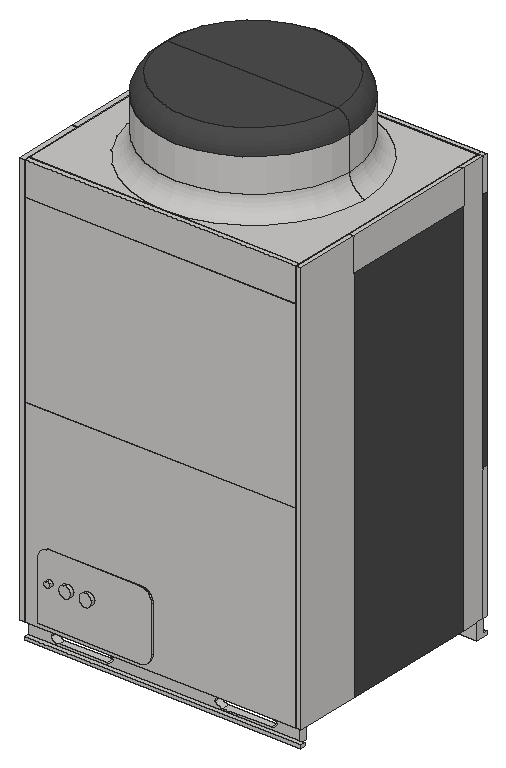
Revit family
Parameters (values of type "PUHY-P72THMU-A")
  Width = 36 1/4"
  URL = ""
  Subcategory = "HVAC"  # constant formula
  Specification URL = "http://www.mrslim.com/customerCare/resources.asp"
  Sound Pressure Levels (dB(A)) = "58"
  SmartBIM Object Version = 3  # constant formula
  SmartBIM Object Created By = "Reed Construction Data"  # constant formula
  Refrigerant Type = "R410A"  # constant formula
  Refrigerant Charge = "19lbs 13oz"
  Refrigerant Pipe Diameter (Liquid) = "3/8\""
  Refrigerant Pipe Diameter (Gas) = "3/4\""
  Refrigerant Service Valve (Liquid) Radius = 3/8"
  Refrigerant Service Valve (Gas) Radius = 3/4"
  Protection Devices Inverter = "Overheat / Overcurrent Protection"  # constant formula
  Protection Devices High Pressure Protection = "601Psi"  # constant formula
  Protection Devices Fan = "Thermal Switch"  # constant formula
  Protection Devices Compressor = "Over Heat Protection"  # constant formula
  Pressure Drop FT (Water Source Only) = ""
  Power Supply Unit = 151/256"
  Power Source = "208/230, 3, 60"
  Heating Power Input = "5.68 kW"
  Cooling Power Input = "5.27kW"
  Unit Weight (LBS) = "441"
  Nominal GPM (Water Source Only) = ""
  Model = "PUHY-P72THMU-A"
  Manufacturer URL = "http://www.mrslim.com/customerCare/resources.asp"
  Manufacturer = "Mitsubishi Electric"  # constant formula
  Lubricant = "MEL32"  # constant formula
  Left Inlet Height = 49 3/64"
  Left  Inlet Width = 17 163/256"
  Installation URL = "http://www.mrslim.com/customerCare/resources.asp"
  Indoor Unit Total Capacity = "50%-150% of OutDoor Unit Capacity"  # constant formula
  Indoor Unit Model/Quantity = "P06 to P96 / 1 to 15"  # constant formula
  High Static Pressure Motor = "PAC-KBU04MT-U-F"  # constant formula
  Height = 64 31/32"
  Heating Outdoor = "-4°F (-20°C) WB ~ 59°F (15°C) WB"  # constant formula
  Fan Direct-drive Inverter Motor Output = "0.92KW"  # constant formula
  MCA = "23/21"
  MOCP = "30/30"
  Description = "T/YHMU Outdoor Units"  # constant formula
  Compressor Type = "Inverter scroll hermetic"  # constant formula
  Fan Compressor Crankcase Heater = "0.051kW"  # constant formula
  External Material = Steel Plate Painting With Polyster Powder
  Depth = 29 15/16"
  Default Elevation = 48"
  Cooling Outdoor = "23°F (-5°C) DB ~ 109°F (43°C) DB"  # constant formula
  Fan Compressor Operating Range = "18% to 100%"  # constant formula
  Heating Capacity (BTU) = "80000"
  Fan Type x Quantity = "Propeller Fan x 1"  # constant formula
  Heating Current = "17.5 / 15.8 A"
  Cooling Current = "16.2 / 14.6 A"
  Cooling Capacity (BTU) = "72000"
  Fan Air Flow Rate = "7,050 CFM"  # constant formula
  Assembly Code = "D3050200"
  Air Outlet Radius = 15 25/128"
  Air Outlet Unit Material = Metal Grille
  Air Inlet Unit Material = Grille
  Air Inlet Radius = 11 3/128"
  Air Inlet Height = 23 159/256"
  Back Air Inlet Height = 31 171/256"
  95 CSI = "15670"  # constant formula
  04 CSI = "23 81 26"  # constant formula
Types (6): name | Width | Sound Pressure Levels (dB(A)) | Refrigerant Charge | Refrigerant Pipe Diameter (Liquid) | Refrigerant Pipe Diameter (Gas) | Refrigerant Service Valve (Gas) Radius | Power Source | Heating Power Input | Cooling Power Input | Unit Weight (LBS) | Model | MCA | MOCP | Heating Capacity (BTU) | Heating Current | Cooling Current | Cooling Capacity (BTU)
  PUHY-P72THMU-A | 36 1/4" | "58" | "19lbs 13oz" | "3/8\"" | "3/4\"" | 3/4" | "208/230, 3, 60" | "5.68 kW" | "5.27kW" | "441" | "PUHY-P72THMU-A" | "23/21" | "30/30" | "80000" | "17.5 / 15.8 A" | "16.2 / 14.6 A" | "72000"
  PUHY-P96THMU-A | 36 1/4" | "58" | "19lbs 13oz" | "3/8\" or 1/2\" total length>=295'" | "7/8\"" | 7/8" | "208/230, 3, 60" | "8.63 kW" | "8.42 kW" | "441" | "PUHY-P96THMU-A" | "35/32" | "40/40" | "108000" | "26.6 / 24.0 A" | "25.9 / 23.4 A" | "96000"
  PUHY-P120THMU-A | 48 1/16" | "60" | "25lbs 6oz" | "3/8\" or 1/2\" total length>=295'" | "7/8\"" | 7/8" | "208/230, 3, 60" | "9.26 kW" | "10.11 kW" | "541" | "PUHY-P120THMU-A" | "41/38" | "50/50" | "120000" | "28.5 / 25.8 A" | "31.1 / 28.1 A" | "120000"
  PUHY-P72YHMU-A | 36 1/4" | "58" | "19lbs 13oz" | "3/8\"" | "3/4\"" | 3/4" | "460, 3, 60" | "5.68 kW" | "5.27kW" | "441" | "PUHY-P72YHMU-A " | "11" | "15" | "80000" | "7.9 A" | "7.3 A" | "72000"
  PUHY-P96YHMU-A | 36 1/4" | "58" | "19lbs 13oz" | "3/8\" or 1/2\" total length>=295'" | "7/8\"" | 7/8" | "460, 3, 60" | "8.63 kW" | "8.42 kW" | "474" | "PUHY-P96YHMU-A  " | "16" | "20" | "108000" | "12.0 A" | "11.7 A" | "96000"
  PUHY-P120YHMU-A | 48 1/16" | "60" | "25lbs 6oz" | "3/8\" or 1/2\" total length>=295'" | "7/8\"" | 7/8" | "460, 3, 60" | "9.26 kW" | "10.11 kW" | "574" | "PUHY-P120YHMU-A " | "19" | "25" | "120000" | "14.0 A" | "12.9 A" | "120000"
Reference planes (in)
  plane 1: z = 0
  plane 2 "Center (Left/Right)": x = 0
  plane 3 "Top": z = 64.96875
  plane 4: y = 14.31484
  plane 5: y = -15.62266
  plane 6: x = -18.125
  plane 7: x = 18.125
  plane 8: z = 55.51993
  plane 9: z = 3.07087
  plane 10: z = 27.55118
  plane 11: z = 51.17323
  plane 12: y = -0.65391
Forms (in)
  Extrusion 1, solid, material "Steel Plate Painting With Polyster Powder" <- "External Material"
    sketch origin (0, 0, 0) x (1, 0, 0) y (0, 1, 0)
      loop
        circle (-8.1063, 10.53531) r 0.87402
      loop
        circle (-4.66929, 10.53531) r 0.5
    from 0.53386 to 2.12598
  Extrusion 2, solid, material "Steel Plate Painting With Polyster Powder" <- "External Material"
    sketch origin (0, 0, 0) x (1, 0, 0) y (0, 1, 0)
      loop
        circle (-10.80217, 10.53531) r 0.7874
    from 1.57766 to 2.12598
  Extrusion 3, solid, material "Pre-coated Galvanized-steel Sheets"
    sketch origin (-17.2599, 13.6768, 11.81725) x (0, 0, -1) y (1, 0, 0)
      loop
        arc (0.23085, 3.07276) -> (0.6921, 1.9592) -> (1.80566, 1.49796) r 1.5748
        line (1.80566, 1.49796) -> (9.22441, 1.49796) -> (9.22441, 14.70083)
        arc (9.22441, 14.70083) -> (8.76316, 15.81439) -> (7.64961, 16.27564) r 1.5748
        line (7.64961, 16.27564) -> (1.80566, 16.27564)
        arc (1.80566, 16.27564) -> (0.6921, 15.81439) -> (0.23085, 14.70083) r 1.5748
        line (0.23085, 14.70083) -> (0.23085, 3.07276)
    from 29.29134 to 29.41689
  Extrusion 4, solid, material "Pre-coated Galvanized-steel Sheets"
    sketch origin (-17.50553, -15.74009, 11.78892) x (0, 0, -1) y (1, 0, 0)
      loop
        circle (3.99865, 3.32774) r 0.375
      loop
        circle (4.04978, 5.62842) r 0.75
      loop
        circle (4.04978, 8.28698) r 0.7874
    from -0.12555 to 0.43878
Cuts and joins
  joined: Extrusion 1, Extrusion 2
  joined: Extrusion 3, Extrusion 4
Dimensions and locks (in)
  equal spacing: plane 6, plane 2 "Center (Left/Right)", plane 7
  "Width": plane 6 to plane 7
  plane 3 "Top" to plane 8 = 9.44882"
  plane 9 to level = 3.07087"
  plane 10 to plane 9 = 24.48031"
  "Height": plane 3 "Top" to level
  "Depth": plane 5 to plane 4
  equal spacing: plane 4, plane 12, plane 5
  radius of Extrusion 1 sketch curve = 0.87402"
  radius of Extrusion 1 sketch curve = 1/2"
  "Refrigerant Service Valve (Liquid) Radius": radius of Extrusion 4 sketch curve
  "Refrigerant Service Valve (Gas) Radius": radius of Extrusion 4 sketch curve
  radius of Extrusion 4 sketch curve = 0.7874"
  aligned and locked: plane 2 "Center (Left/Right)" to nested 1
  aligned and locked: plane 12 to nested 1
  aligned and locked: Extrusion 1 to nested 1
  aligned and locked: Extrusion 2 to nested 1
Automatic sketch dimensions
  Extrusion 1 sketch curve to Extrusion 1 sketch curve = 0"  (x5)
  Extrusion 1 sketch curve to plane 4 = 3.77953"
  Extrusion 1 sketch curve to plane 2 "Center (Left/Right)" = 8.98031"
  Extrusion 1 sketch curve to Extrusion 1 sketch curve = 2.06299"
  Extrusion 2 sketch curve to Extrusion 2 sketch curve = 0"  (x2)
  Extrusion 2 sketch curve to plane 6 = 6.53543"
  Extrusion 2 sketch curve to Extrusion 2 sketch curve = 0.7874"
  Extrusion 2 sketch curve to plane 4 = 3.77953"
  Extrusion 3 sketch curve to plane 2 "Center (Left/Right)" = 2.55907"
  plane 9 to Extrusion 3 sketch curve = 8.51553"
  Extrusion 3 sketch curve to Extrusion 3 sketch curve = 1.5748"  (x2)
  plane 9 to Extrusion 3 sketch curve = 1.09678"
  Extrusion 3 sketch curve to plane 9 = 0.47802"
  Extrusion 3 sketch curve to plane 6 = 3.93786"
  plane 9 to Extrusion 4 sketch curve = 4.7194"
  plane 9 to Extrusion 4 sketch curve = 4.66827"
  Extrusion 4 sketch curve to Extrusion 4 sketch curve = 0.05113"
  Extrusion 4 sketch curve to plane 6 = 3.94721"
  Extrusion 4 sketch curve to Extrusion 4 sketch curve = 2.30068"
  Extrusion 4 sketch curve to Extrusion 4 sketch curve = 2.65856"
Nested families (in)
  nested 1: "Out-Door-Unit" at (-0.08165, 0.57834, 0), type "Out-Door-Unit-R2-Series_Mistdubishi_Electric"
    with Width 36 1/4", Power Supply Unit 151/256", Left Inlet Heght 49 3/64", Depth 29 15/16", Air Outlet Unit Radius 15 25/128", Air Inlet Radius 11 3/128", Air Inlet Height 23 159/256", Air Inlet Bck Unit Height 31 171/256"
Connectors (in)
  electrical at (-9.21855, -16.17888, 7.73914)
    settings: on cut or joined group of Extrusion 3, Extrusion 4, index 12
  piping at (-11.87711, -16.17888, 7.73914), driven by "Refrigerant Service Valve (Gas) Radius"
    settings: on cut or joined group of Extrusion 3, Extrusion 4, index 13
  piping at (-14.17779, -16.17888, 7.79026), driven by "Refrigerant Service Valve (Liquid) Radius"
    settings: on cut or joined group of Extrusion 3, Extrusion 4, index 14
Definition of nested family "Out-Door-Unit"
  Parameters (values of type "Out-Door-Unit-R2-Series_Mistdubishi_Electric")
    Width = 48.0315"
    Refig Service Valve (Liquid) Radius = 1/2"
    Refig Service Valve (Gas) Radius = 0.87402"
    Power Supply Unit = 0.59055"
    Left Inlet Heght = 49.04724"
    External Material = Steel Plate Painting With Polyster Powder
    Depth = 29.92126"
    Assembly Code = ""
    Air Outlet Unit Radius = 15.19685"
    Air Outlet Unit Material = Metal Grille
    Air Inlet Radius = 11.02362"
    Air Inlet Unit Material = Grille
    Air Inlet Height = 23.62205"
    Air Inlet Bck Unit Height = 31.66929"
  Reference planes (in)
    plane 1 "Center (Front/Back)": y = -1.23225
    plane 2: z = 0
    plane 3 "Center (Left/Right)": x = 0.08165
    plane 4: x = -23.9341
    plane 5: x = 24.09739
    plane 6: y = 13.09846
    plane 7: y = -15.56296
    plane 8: z = 27.75591
    plane 9: z = 55.51181
    plane 10: z = 2.12598
    plane 11: y = -7.68894
    plane 12: y = -15.16926
    plane 13: y = 9.94885
    plane 14: z = 51.17323
    plane 15: z = 27.55118
    plane 16: y = -16.19288
    plane 17: y = 13.72838
    plane 18: z = 39.3622
    plane 19: y = 12.70476
    plane 20: z = 62.40157
    plane 21: z = 19.50394
    plane 22: x = -23.30418
    plane 23: x = 11.10527
    plane 24: z = 64.96063
    plane 25: y = 12.1142
    plane 26: y = -14.57871
    plane 27: x = 23.46747
  Forms (in)
    Extrusion 1, solid, material "Steel Plate Painting With Polyster Powder" <- "External Material"
      sketch origin (0, 0, 0) x (1, 0, 0) y (0, 1, 0)
        loop
          line (-23.30418, 13.09846) -> (-23.30418, -15.56296) -> (23.46747, -15.56296) -> (23.46747, 13.09846) -> (-23.30418, 13.09846)
      from 2.12598 to 55.51181
    Revolve 2, solid, material "Steel Plate Painting With Polyster Powder" <- "External Material"
      sketch origin (0, -1.23225, 0) x (1, 0, 0) y (0, 0, 1)
        loop
          line (0.08165, 55.51181) -> (14.4345, 55.51181)
          arc (14.4345, 55.51181) -> (13.05122, 56.47273) -> (12.51944, 58.07087) r 2.66734
          line (12.51944, 58.07087) -> (12.51944, 62.40157) -> (0.08165, 62.40157) -> (0.08165, 55.51181)
        axis (0.08165, 55.51181) -> (0.08165, 62.40157)
      angle from 0 to 360
    Revolve 3, solid, material "Metal Grille" <- "Air Outlet Unit Material"
      sketch origin (0, -1.23225, 0) x (1, 0, 0) y (0, 0, 1)
        loop
          line (0.08165, 62.40157) -> (12.52211, 62.40157)
          arc (12.52211, 62.40157) -> (12.21108, 63.90112) -> (11.10527, 64.96063) r 2.58167
          line (11.10527, 64.96063) -> (0.08165, 64.96063) -> (0.08165, 62.40157)
        axis (0.08165, 62.40157) -> (0.08165, 64.96063)
      angle from 0 to 360
    Extrusion 4, solid, material "Steel Plate Painting With Polyster Powder" <- "External Material"
      sketch origin (0, -1.23225, 0) x (1, 0, 0) y (0, 0, 1)
        loop
          line (-23.30418, 0) -> (23.46747, 0) -> (23.46747, 2.12598) -> (-23.30418, 2.12598) -> (-23.30418, 0)
      from 14.33071 to 13.34646
    Extrusion 5, void
      sketch origin (0, -1.23225, 0) x (1, 0, 0) y (0, 0, 1)
        loop
          arc (7.54228, 1.80205) -> (6.99693, 1.63716) -> (6.63431, 1.19773) r 0.98425
          arc (6.63431, 1.19773) -> (6.99693, 0.7583) -> (7.54228, 0.59341) r 0.98425
          line (7.54228, 0.59341) -> (19.62889, 0.59341)
          arc (19.62889, 0.59341) -> (20.17424, 0.7583) -> (20.53686, 1.19773) r 0.98425
          arc (20.53686, 1.19773) -> (20.17424, 1.63716) -> (19.62889, 1.80205) r 0.98425
          line (19.62889, 1.80205) -> (7.54228, 1.80205)
      from 13.34646 to 14.33071
    Extrusion 6, void
      sketch origin (0.16329, -1.23225, 0) x (-1, 0, 0) y (0, 0, -1)
        loop
          line (7.54228, -1.80205) -> (19.62889, -1.80205)
          arc (19.62889, -1.80205) -> (20.17424, -1.63716) -> (20.53686, -1.19773) r 0.98425
          arc (20.53686, -1.19773) -> (20.17424, -0.7583) -> (19.62889, -0.59341) r 0.98425
          line (19.62889, -0.59341) -> (7.54228, -0.59341)
          arc (7.54228, -0.59341) -> (6.99693, -0.7583) -> (6.63431, -1.19773) r 0.98425
          arc (6.63431, -1.19773) -> (6.99693, -1.63716) -> (7.54228, -1.80205) r 0.98425
      from 13.34646 to 14.33071
    Extrusion 7, solid, material "Steel Plate Painting With Polyster Powder" <- "External Material"
      sketch origin (0, -0.01178, 0) x (1, 0, 0) y (0, 0, -1)
        loop
          line (-23.30418, 0) -> (-23.30418, -2.12598) -> (24.09739, -2.12598) -> (24.09739, 0) -> (-23.30418, 0)
      from 13.11024 to 12.12598
    Extrusion 8, void
      sketch origin (0.16329, -0.01178, 0) x (-1, 0, 0) y (0, 0, 1)
        loop
          arc (7.54228, 1.80205) -> (6.99693, 1.63716) -> (6.63431, 1.19773) r 0.98425
          arc (6.63431, 1.19773) -> (6.99693, 0.7583) -> (7.54228, 0.59341) r 0.98425
          line (7.54228, 0.59341) -> (19.62889, 0.59341)
          arc (19.62889, 0.59341) -> (20.17424, 0.7583) -> (20.53686, 1.19773) r 0.98425
          arc (20.53686, 1.19773) -> (20.17424, 1.63716) -> (19.62889, 1.80205) r 0.98425
          line (19.62889, 1.80205) -> (7.54228, 1.80205)
      from 12.12598 to 13.11024
    Extrusion 9, void
      sketch origin (0, -0.01178, 0) x (1, 0, 0) y (0, 0, -1)
        loop
          line (7.54228, -1.80205) -> (19.62889, -1.80205)
          arc (19.62889, -1.80205) -> (20.17424, -1.63716) -> (20.53686, -1.19773) r 0.98425
          arc (20.53686, -1.19773) -> (20.17424, -0.7583) -> (19.62889, -0.59341) r 0.98425
          line (19.62889, -0.59341) -> (7.54228, -0.59341)
          arc (7.54228, -0.59341) -> (6.99693, -0.7583) -> (6.63431, -1.19773) r 0.98425
          arc (6.63431, -1.19773) -> (6.99693, -1.63716) -> (7.54228, -1.80205) r 0.98425
      from 12.12598 to 13.11024
    Extrusion 10, solid, material "Steel Plate Painting With Polyster Powder" <- "External Material"
      sketch origin (0, 0, 0) x (1, 0, 0) y (0, 1, 0)
        loop
          line (-23.30418, -16.19288) -> (23.46747, -16.19288) -> (23.46747, -15.56296) -> (-23.30418, -15.56296) -> (-23.30418, -16.19288)
      from 51.17323 to 55.51181
    Extrusion 11, solid, material "Steel Plate Painting With Polyster Powder" <- "External Material"
      sketch origin (0, 0, 0) x (1, 0, 0) y (0, 1, 0)
        loop
          line (-23.30418, -15.56296) -> (-23.30418, -16.19288) -> (23.46747, -16.19288) -> (23.46747, -15.56296) -> (-23.30418, -15.56296)
      from 27.55118 to 51.17323
    Extrusion 12, solid, material "Steel Plate Painting With Polyster Powder" <- "External Material"
      sketch origin (0, 0, 0) x (1, 0, 0) y (0, 1, 0)
        loop
          line (-23.30418, -15.56296) -> (-23.30418, -16.19288) -> (23.46747, -16.19288) -> (23.46747, -15.56296) -> (-23.30418, -15.56296)
      from 2.12598 to 27.55118
    Extrusion 13, solid, material "Steel Plate Painting With Polyster Powder" <- "External Material"
      sketch origin (0, 0, 0) x (1, 0, 0) y (0, 1, 0)
        loop
          line (-23.30418, 13.72838) -> (-23.30418, 13.09846) -> (24.09739, 13.09846) -> (24.09739, 13.72838) -> (-23.30418, 13.72838)
      from 2.12598 to 19.50394
    Extrusion 14, solid, material "Steel Plate Painting With Polyster Powder" <- "External Material"
      sketch origin (0, 0, 0) x (1, 0, 0) y (0, 1, 0)
        loop
          line (-23.30418, 13.09846) -> (24.09739, 13.09846) -> (24.09739, 13.72838) -> (-23.30418, 13.72838) -> (-23.30418, 13.09846)
      from 51.17323 to 55.51181
    Extrusion 15, solid, material "Grille" <- "Air Inlet Unit Material"
      sketch origin (0, 0, 0) x (1, 0, 0) y (0, 1, 0)
        loop
          line (-23.30418, 13.72838) -> (-23.30418, 13.09846) -> (24.09739, 13.09846) -> (24.09739, 13.72838) -> (-23.30418, 13.72838)
      from 19.50394 to 51.17323
    Extrusion 16, solid, material "Steel Plate Painting With Polyster Powder" <- "External Material"
      sketch origin (0.08165, 0, 0) x (0, 1, 0) y (0, 0, 1)
        loop
          line (13.72838, 0) -> (13.72838, 0.3937) -> (13.09846, 0.3937) -> (13.09846, 0) -> (13.72838, 0)
        loop
          line (-16.19288, 0) -> (-15.56296, 0) -> (-15.56296, 0.3937) -> (-16.19288, 0.3937) -> (-16.19288, 0)
      from -23.38583 to 24.01575
    Extrusion 17, solid, material "Grille" <- "Air Inlet Unit Material"
      sketch origin (-23.30418, 13.09846, 0) x (0, -1, 0) y (0, 0, 1)
        loop
          line (3.14961, 51.17323) -> (3.14961, 2.12598) -> (20.7874, 2.12598) -> (20.7874, 51.17323) -> (3.14961, 51.17323)
      from 0 to 0.62992
    Extrusion 18, solid, material "Steel Plate Painting With Polyster Powder" <- "External Material"
      sketch origin (-23.30418, 13.09846, 0) x (0, -1, 0) y (0, 0, 1)
        loop
          line (3.14961, 55.51181) -> (3.14961, 51.17323) -> (20.7874, 51.17323) -> (20.7874, 55.51181) -> (3.14961, 55.51181)
      from 0 to 0.62992
    Extrusion 19, solid, material "Steel Plate Painting With Polyster Powder" <- "External Material"
      sketch origin (-23.30418, 13.09846, 0) x (0, -1, 0) y (0, 0, 1)
        loop
          line (-0.62992, 55.51181) -> (-0.62992, 2.12598) -> (3.14961, 2.12598) -> (3.14961, 55.51181) -> (-0.62992, 55.51181)
        loop
          line (20.7874, 55.51181) -> (20.7874, 2.12598) -> (29.29134, 2.12598) -> (29.29134, 55.51181) -> (20.7874, 55.51181)
      from 0 to 0.62992
    Extrusion 20, solid, material "Grille" <- "Air Inlet Unit Material"
      sketch origin (17.56196, 13.68901, 0) x (0, -1, 0) y (0, 0, -1)
        loop
          line (3.74016, -51.17323) -> (21.37795, -51.17323) -> (21.37795, -2.12598) -> (3.74016, -2.12598) -> (3.74016, -51.17323)
      from 5.90551 to 6.53543
    Extrusion 21, solid, material "Steel Plate Painting With Polyster Powder" <- "External Material"
      sketch origin (17.56196, 13.68901, 0) x (0, -1, 0) y (0, 0, -1)
        loop
          line (3.74016, -55.51181) -> (21.37795, -55.51181) -> (21.37795, -51.17323) -> (3.74016, -51.17323) -> (3.74016, -55.51181)
      from 5.90551 to 6.53543
    Extrusion 22, solid, material "Steel Plate Painting With Polyster Powder" <- "External Material"
      sketch origin (17.56196, 13.68901, 0) x (0, -1, 0) y (0, 0, -1)
        loop
          line (-0.03937, -55.51181) -> (3.74016, -55.51181) -> (3.74016, -2.12598) -> (-0.03937, -2.12598) -> (-0.03937, -55.51181)
        loop
          line (21.37795, -55.51181) -> (29.88189, -55.51181) -> (29.88189, -2.12598) -> (21.37795, -2.12598) -> (21.37795, -55.51181)
      from 5.90551 to 6.53543
  Cuts and joins
    Extrusion 5, Extrusion 6, Extrusion 8 cuts Extrusion 4
    Extrusion 8, Extrusion 9 cuts Extrusion 7
    joined: Extrusion 4, Extrusion 7, Extrusion 16
    joined: Extrusion 10, Extrusion 14
  Dimensions and locks (in)
    equal spacing: plane 4, plane 3 "Center (Left/Right)", plane 5
    "Width": plane 4 to plane 5
    equal spacing: plane 17, plane 1 "Center (Front/Back)", plane 16
    "Depth": plane 17 to plane 16
    locked: plane 11 to plane 7 at 7.87402
    Extrusion 5 sketch curve to Extrusion 5 sketch curve = 1.20865"
    locked: plane 12 to plane 7 at 0.3937
    Extrusion 6 sketch curve to Extrusion 6 sketch curve = 1.20865"
    Extrusion 8 sketch curve to Extrusion 8 sketch curve = 1.20865"
    Extrusion 9 sketch curve to Extrusion 9 sketch curve = 1.20865"
    locked: plane 6 to plane 13 at 3.14961
    locked: plane 7 to plane 16 at 0.62992
    locked: plane 17 to plane 6 at 0.62992
    equal spacing: plane 14, plane 18, plane 15
    "Air Inlet Height": plane 14 to plane 15
    locked: plane 6 to plane 19 at 0.3937
    equal spacing: plane 9, plane 8, level
    plane 9 to level = 55.51181"
    "Air Inlet Bck Unit Height": plane 21 to plane 14
    "Air Inlet Radius": Revolve 3 sketch curve to plane 3 "Center (Left/Right)"
    "Air Inlet Radius": plane 23 to plane 3 "Center (Left/Right)"
    locked: plane 24 to plane 20 at 2.55906
    plane 24 to plane 9 = 9.44882"
    plane 24 to level = 64.96063"
    locked: Revolve 2 sketch curve to plane 23 at 1.41418
    locked: Revolve 2 sketch curve to plane 23 at 3.32923
    locked: plane 4 to plane 22 at 0.62992
    locked: plane 6 to plane 25 at 0.98425
    locked: Extrusion 16 sketch curve to level at 0.3937  (x2)
    locked: plane 26 to plane 7 at 0.98425
    locked: plane 10 to level at 2.12598
    "Left Inlet Heght": plane 14 to plane 10
    locked: plane 27 to plane 5 at 0.62992
    aligned and locked: Extrusion 1 sketch curve to plane 6
    aligned and locked: Extrusion 1 sketch curve to plane 7
    aligned and locked: plane 9 to Extrusion 1
    aligned and locked: Extrusion 1 to plane 10
    aligned and locked: Extrusion 4 sketch curve to level
    aligned and locked: Extrusion 4 sketch curve to plane 10
    aligned and locked: cut or joined group of Extrusion 4, Extrusion 5, Extrusion 6, Extrusion 7, Extrusion 8, Extrusion 9, Extrusion 16 to plane 2
    aligned and locked: plane 6 to cut or joined group of Extrusion 4, Extrusion 5, Extrusion 6, Extrusion 7, Extrusion 8, Extrusion 9, Extrusion 16
    aligned and locked: plane 10 to cut or joined group of Extrusion 4, Extrusion 5, Extrusion 6, Extrusion 7, Extrusion 8, Extrusion 9, Extrusion 16
    aligned and locked: Extrusion 10 sketch curve to plane 16
    aligned and locked: Extrusion 10 sketch curve to plane 7
    aligned and locked: Extrusion 11 sketch curve to plane 16
    aligned and locked: Extrusion 11 sketch curve to plane 7
    aligned and locked: Extrusion 12 sketch curve to plane 7
    aligned and locked: Extrusion 12 sketch curve to plane 16
    aligned and locked: Extrusion 13 sketch curve to plane 17
    aligned and locked: Extrusion 13 sketch curve to plane 6
    aligned and locked: Extrusion 13 sketch curve to plane 5
    aligned and locked: Extrusion 13 to Extrusion 1
    aligned and locked: Extrusion 14 sketch curve to plane 6
    aligned and locked: Extrusion 14 sketch curve to plane 17
    aligned and locked: Extrusion 14 sketch curve to plane 5
    aligned and locked: Extrusion 15 sketch curve to plane 6
    aligned and locked: Extrusion 15 sketch curve to plane 5
    aligned and locked: plane 14 to Extrusion 15
    aligned and locked: Extrusion 15 to plane 14
    aligned and locked: Extrusion 14 to plane 14
    aligned and locked: cut or joined group of Extrusion 4, Extrusion 5, Extrusion 6, Extrusion 7, Extrusion 8, Extrusion 9, Extrusion 16 to plane 6
    aligned and locked: plane 6 to Extrusion 9
    aligned and locked: plane 9 to Revolve 2
    aligned and locked: Extrusion 15 to Extrusion 13
    aligned and locked: plane 9 to Extrusion 14
    aligned and locked: plane 21 to Extrusion 13
    aligned and locked: plane 17 to Extrusion 15
    aligned and locked: Revolve 2 sketch curve to plane 20
    aligned and locked: plane 24 to Revolve 3 sketch curve
    aligned and locked: plane 20 to Revolve 3 sketch curve
    aligned and locked: plane 3 "Center (Left/Right)" to Revolve 3 sketch curve  (x2)
    aligned and locked: Extrusion 1 sketch curve to plane 22
    aligned and locked: plane 25 to cut or joined group of Extrusion 4, Extrusion 5, Extrusion 6, Extrusion 7, Extrusion 8, Extrusion 9, Extrusion 16
    aligned and locked: plane 17 to Extrusion 16 sketch curve
    aligned and locked: level to Extrusion 16 sketch curve
    aligned and locked: plane 6 to Extrusion 16 sketch curve
    aligned and locked: plane 16 to Extrusion 16 sketch curve
    aligned and locked: Extrusion 16 sketch curve to level
    aligned and locked: plane 7 to Extrusion 16 sketch curve
    aligned and locked: plane 5 to Extrusion 16
    aligned and locked: Extrusion 6 to plane 7
    aligned and locked: Extrusion 5 to plane 7
    aligned and locked: Extrusion 7 to Extrusion 8
    aligned and locked: plane 6 to Extrusion 8
    aligned and locked: Extrusion 7 to Extrusion 9
    aligned and locked: plane 13 to Extrusion 17 sketch curve
    aligned and locked: Extrusion 17 sketch curve to plane 14
    aligned and locked: plane 11 to Extrusion 17 sketch curve
    aligned and locked: plane 10 to Extrusion 17 sketch curve
    aligned and locked: Extrusion 14 sketch curve to plane 22
    aligned and locked: plane 22 to Extrusion 4 sketch curve
    aligned and locked: plane 22 to Extrusion 7 sketch curve
    aligned and locked: Extrusion 13 sketch curve to plane 22
    aligned and locked: Extrusion 15 sketch curve to plane 22
    aligned and locked: cut or joined group of Extrusion 4, Extrusion 5, Extrusion 6, Extrusion 7, Extrusion 8, Extrusion 9, Extrusion 16 to plane 22
    aligned and locked: Extrusion 10 sketch curve to plane 22
    aligned and locked: Extrusion 11 sketch curve to plane 22
    aligned and locked: Extrusion 12 sketch curve to plane 22
    aligned and locked: plane 22 to Extrusion 17
    aligned and locked: Extrusion 17 to plane 4
    aligned and locked: Extrusion 14 to Extrusion 18 sketch curve
    aligned and locked: plane 22 to Extrusion 18
    aligned and locked: Extrusion 18 to plane 4
    aligned and locked: Extrusion 15 to Extrusion 19 sketch curve
    aligned and locked: Extrusion 19 sketch curve to Extrusion 17  (x2)
    aligned and locked: Extrusion 19 sketch curve to plane 11
    aligned and locked: plane 16 to Extrusion 19 sketch curve
    aligned and locked: plane 10 to Extrusion 19 sketch curve
    aligned and locked: plane 22 to Extrusion 19
    aligned and locked: Extrusion 19 to plane 4
    aligned and locked: plane 13 to Extrusion 18 sketch curve
    aligned and locked: plane 11 to Extrusion 18 sketch curve
    aligned and locked: Extrusion 19 sketch curve to plane 9  (x2)
    aligned and locked: Extrusion 22 sketch curve to Extrusion 20
    aligned and locked: plane 27 to Extrusion 1 sketch curve
    aligned and locked: cut or joined group of Extrusion 10, Extrusion 14 to plane 27
    aligned and locked: Extrusion 11 to plane 27
    aligned and locked: Extrusion 12 to plane 27
    aligned and locked: cut or joined group of Extrusion 4, Extrusion 5, Extrusion 6, Extrusion 7, Extrusion 8, Extrusion 9, Extrusion 16 to plane 27
    aligned and locked: Extrusion 20 to plane 11
    aligned and locked: Extrusion 21 to plane 11
    aligned and locked: Extrusion 20 to plane 13
    aligned and locked: Extrusion 21 to plane 13
    aligned and locked: plane 13 to Extrusion 22
    aligned and locked: plane 9 to Extrusion 22
    aligned and locked: Extrusion 22 to plane 10
    aligned and locked: Extrusion 20 to plane 10
    aligned and locked: plane 9 to Extrusion 21
    aligned and locked: Extrusion 21 to plane 14
    aligned and locked: plane 27 to Extrusion 22
    aligned and locked: plane 5 to Extrusion 22
    aligned and locked: plane 27 to Extrusion 20
    aligned and locked: plane 5 to Extrusion 20
    aligned and locked: plane 27 to Extrusion 21
    aligned and locked: plane 5 to Extrusion 21
  Automatic sketch dimensions
    Revolve 2 sketch curve to plane 3 "Center (Left/Right)" = 0"  (x2)
    Revolve 2 sketch curve to plane 9 = 0"
    plane 9 to Revolve 2 sketch curve = 2.55906"
    Revolve 2 sketch curve to Revolve 2 sketch curve = 2.3622"
    Revolve 2 sketch curve to Revolve 2 sketch curve = 1.5748"
    plane 20 to Revolve 3 sketch curve = 0.24906"
    Revolve 3 sketch curve to Revolve 3 sketch curve = 1.15278"
    Revolve 3 sketch curve to Revolve 3 sketch curve = 0.7874"
    Revolve 3 sketch curve to Revolve 3 sketch curve = 0.49213"
    Extrusion 5 sketch curve to plane 10 = 0.92825"
    plane 3 "Center (Left/Right)" to Extrusion 5 sketch curve = 6.55266"
    level to Extrusion 5 sketch curve = 0.59341"
    Extrusion 5 sketch curve to Extrusion 5 sketch curve = 0.90797"  (x2)
    Extrusion 5 sketch curve to Extrusion 5 sketch curve = 0"  (x2)
    Extrusion 5 sketch curve to plane 5 = 4.4685"
    Extrusion 5 sketch curve to Extrusion 5 sketch curve = 0.22439"
    plane 10 to Extrusion 6 sketch curve = 0.92825"
    plane 3 "Center (Left/Right)" to Extrusion 6 sketch curve = 6.55266"
    Extrusion 6 sketch curve to level = 0.59341"
    Extrusion 6 sketch curve to Extrusion 6 sketch curve = 0.90797"  (x2)
    Extrusion 6 sketch curve to Extrusion 6 sketch curve = 0"  (x2)
    Extrusion 6 sketch curve to plane 22 = 3.83858"
    Extrusion 6 sketch curve to Extrusion 6 sketch curve = 0.22439"
    Extrusion 7 sketch curve to plane 5 = 0"
    Extrusion 7 sketch curve to plane 10 = 0"
    Extrusion 7 sketch curve to level = 0"
    Extrusion 8 sketch curve to plane 10 = 0.92825"
    Extrusion 8 sketch curve to plane 3 "Center (Left/Right)" = 6.55266"
    level to Extrusion 8 sketch curve = 0.59341"
    Extrusion 8 sketch curve to Extrusion 8 sketch curve = 0.90797"  (x2)
    Extrusion 8 sketch curve to Extrusion 8 sketch curve = 0"  (x2)
    plane 22 to Extrusion 8 sketch curve = 3.83858"
    Extrusion 8 sketch curve to Extrusion 8 sketch curve = 0.22439"
    Extrusion 9 sketch curve to plane 10 = 0.92825"
    plane 3 "Center (Left/Right)" to Extrusion 9 sketch curve = 6.55266"
    level to Extrusion 9 sketch curve = 0.59341"
    Extrusion 9 sketch curve to Extrusion 9 sketch curve = 0.90797"  (x2)
    Extrusion 9 sketch curve to Extrusion 9 sketch curve = 0"  (x2)
    Extrusion 9 sketch curve to plane 5 = 4.4685"
    Extrusion 9 sketch curve to Extrusion 9 sketch curve = 0.22439"
    Extrusion 15 sketch curve to plane 17 = 0"
    plane 10 to Extrusion 20 sketch curve = 0"
    plane 13 to Extrusion 20 sketch curve = 0"
    plane 11 to Extrusion 20 sketch curve = 0"
    Extrusion 20 sketch curve to plane 14 = 0"
    plane 13 to Extrusion 21 sketch curve = 0"
    plane 11 to Extrusion 21 sketch curve = 0"
    plane 9 to Extrusion 21 sketch curve = 0"
    plane 14 to Extrusion 21 sketch curve = 0"
    Extrusion 22 sketch curve to plane 17 = 0"
    plane 9 to Extrusion 22 sketch curve = 0"
    Extrusion 22 sketch curve to plane 11 = 0"
    plane 16 to Extrusion 22 sketch curve = 0"
    Extrusion 22 sketch curve to plane 9 = 0"
    plane 10 to Extrusion 22 sketch curve = 0"
    Extrusion 10 sketch curve to plane 5 = 0.62992"
    Extrusion 11 sketch curve to plane 5 = 0.62992"
    Extrusion 12 sketch curve to plane 5 = 0.62992"
    Extrusion 4 sketch curve to plane 5 = 0.62992"
    Extrusion 22 sketch curve to plane 13 = 0"
